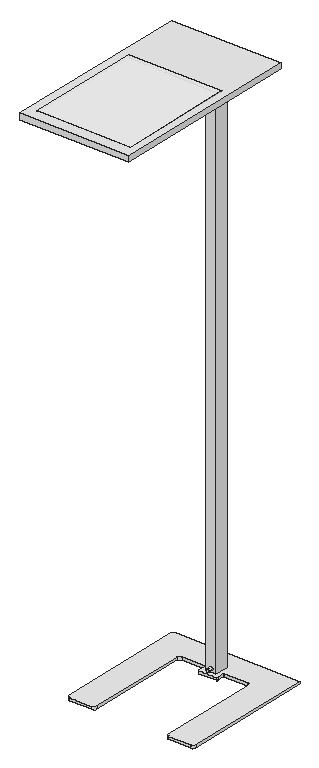
Revit family "0060790 Sylvania Lighting Fixture FREEOFFICE DIRECT INDIRECT 12KLM PIR BLACK UK", category Lighting Fixtures, host Face, Revit 2016
Family settings
  Host = Face
  Part Type = Normal
  Round Connector Dimension = Use Diameter
  OmniClass Number = 23.80.70.11.17
  OmniClass Title = Specialized Lighting by Location or Use
  Cut with Voids When Loaded = No
  Light Source = Yes
  Shared = No
  Room Calculation Point = No
Parameters (values of type "0060790 FREEOFFICE D/I 12 PIR BLACK UK")
  Weight = "22.8 kg"
  Wattage = 93 W
  WarrantyStartDate [instance] = "n/a"
  WarrantyGuarantorParts = "n/a"
  WarrantyDurationUnit = "n/a"
  WarrantyDurationParts = "n/a"
  WarrantyDescription = "n/a"
  built-in parameter 1150110 = 1 (stored number, unit not read)
  Voltage = 230 V
  TypeName = "FREEOFFICE DIRECT/INDIRECT 12KLM PIR BLACK UK"
  built-in parameter 1114217 = 1 (stored number, unit not read)
  Tilt Angle = -90°
  built-in parameter 1150109 = 1 (stored number, unit not read)
  built-in parameter 1150134 = 12
  built-in parameter 1150113 = 1 (stored number, unit not read)
  SerialNumber [instance] = "n/a"
  Radius_FEILO = 165.0 mm
  URL = "http://www.sylvania-lighting.com"
  PowerFactor = 0.96
  PowerConsumption = "93 W"
  Photometric Web File = "0060790.ies"
  PIR_SYL = yes
  NominalWidth = 0.0 mm
  NominalLength = 690.0 mm
  NominalHeight = 2030.0 mm
  Name = "FREEOFFICE DIRECT/INDIRECT 12KLM PIR BLACK UK"
  ModelReference = "FREEOFFICE DIRECT/INDIRECT 12KLM PIR BLACK UK"
  ModelNumber = "0060790"
  Material_3_SYL = Body-Sylvania-FreeOffice-BLK
  Material_2_SYL = Polycarbonate_Sylvania_Sylcircle_Opal
  Material_1_SYL = Body-Sylvania-FreeOffice-BLK
  Material = "head and pole : powder coated aluminium. stand: powder coated steel housing, pmma diffuser"
  ManufacturerName = "Feilo Sylvania"
  LuminousEfficacy = "131 lm/W"
  built-in parameter 1150105 = 3688.2 (stored number, unit not read)
  Lumens = 12183 lm
  LuminaireType = ""
  built-in parameter 1150115 = 1 (stored number, unit not read)
  LightOutputRatio = "n/a"
  built-in parameter 1150137 = (empty or 0)
  built-in parameter 1150139 = (empty or 0)
  LampsType = Lamp  # "LED"
  LampNominalLuminous = "12150 lm"
  LampMacAdamStep = "3"
  LampColourTemperature = "4000 K"
  LampColourRenderingIndex = "80"
  built-in parameter 1150112 = 1 (stored number, unit not read)
  built-in parameter 1150114 = 1 (stored number, unit not read)
  Keynote = "16500"
  InstallationDate [instance] = "n/a"
  InputVoltage = "220-240V~"
  InputNominalFrequency = "50/60 Hz"
  built-in parameter 1150132 = (empty or 0)
  built-in parameter 1150102 = (empty or 0)
  built-in parameter 1150107 = 4000 (stored number, unit not read)
  built-in parameter 1150138 = (empty or 0)
  IngressProtection = "IP20"
  ImpactProtectionIndex = "IK02"
  built-in parameter 1150106 = 36.882 (stored number, unit not read)
  IfcExportType = "IfcLightFixtureType"
  IfcExportAs = "IfcLightFixtureType"
  Height_FEILO = 96.0 mm
  ExpectedLife = 50000
  Emit from Rectangle Width = 340.1 mm
  Emit from Rectangle Length = 564.6 mm
  Emit Shape Visible in Rendering = no
  ElectricShockClassification = "Class I"
  built-in parameter 1150104 = 12.17 (stored number, unit not read)
  DurationUnit = "hours"
  DocumentationLiterature = "http://www.sylvania-lighting.com/product/en-int/products/0060790"
  DimmingControlOptions = "Dimmable"
  Dimming Lamp Color Temperature Shift = <None>
  Diameter_FEILO = 2 * Radius_FEILO  # 330.0 mm
  CreatedOn = "12/5/2018"
  CreatedBy = "@sylvania-lighting.com"
  Color Filter = 16777215
  built-in parameter 1114216 [instance] = 1 (stored number, unit not read)
  Model = "FREEOFFICE DIRECT/INDIRECT 12KLM PIR BLACK UK"
  Manufacturer = "Feilo Sylvania"
  Lamp = "LED"
  Description = "FREEOFFICE DIRECT/INDIRECT 12KLM PIR BLACK UK is a highly efficient free-standing floor lamp providing optimal illumination for single and twin workstations. 80% uplight and 20% downlight ratio for ambient and task lighting from a single luminaire. Microprismatic PMMA optics for advanced glare control. Black RAL9005 powder coated luminaire body. Aluminium head and pole for high-quality appearance, steel stand for higher stability. Luminaire dimensions: Head: 690x397x25mm, Stand: 480x460x16mm, Pole: 55x35x2030mm. Operated and dimmed with a push button located in the pole at a height suitable to be used with adjustable height desks. Equipped with presence and daylight sensor. Up and downlight dims together. 4000K Neutral White LED, CRI>80, chromaticity tolerance: SDCM<3. Luminous flux: 12150lm. Power consumption 93W. Luminaire efficacy: 131lm/W. Lumen maintenance: L80B50=55000h. UGR<16, Luminance at 65°<3000 cd/m2. IK02, IP20. Photobiological safety risk group 0. Electrical protection: Class I. Glow wire test: 650°C. Supplied with 3m cable with BS 1363 plug."
  Default Elevation = 0.0 mm
  built-in parameter 1140040 [instance] = 1
  BarCode [instance] = "n/a"
  built-in parameter 1114218 = 1 (stored number, unit not read)
  built-in parameter 1150133 = 10 (stored number, unit not read)
  AssetType = "Fixed"
  AssetIdentifier [instance] = "n/a"
  Assembly Code = "D5020200"
  Apparent Load = 93 VA
Reference planes
  plane 1 "Center (Front/Back)": y = 0
  plane 2: z = 0
  plane 3 "Center (Left/Right)": x = 0
  plane 4: z = 2030
  plane 5: x = 230
  plane 6: x = -230
  plane 7: x = 18
  plane 8: x = -18
  plane 9: x = -198.5
  plane 10: x = 198.5
  plane 11: y = 25
  plane 12: y = -25
  plane 13: y = -390.174
  plane 14: y = 89.826
  plane 15: y = -645
  plane 16: y = 44
  plane 17: z = 9
  plane 18: z = 2010
  plane 19: y = -187.327
  plane 20: y = -603.8
  plane 21: x = -170.03
  plane 22: x = 170.03
  plane 23: y = -39.174
  plane 24: z = 2020
  plane 25: x = 130
  plane 26: x = -130
  plane 27: y = -10.174
  plane 28: x = 34
  plane 29: x = -34
  plane 30: y = -39.174
  plane 31: y = -321.487
  plane 32: z = 21
  plane 33: y = -624.4
  plane 34: z = 2009
Forms (mm)
  Extrusion 1, solid, material "Body-Sylvania-FreeOffice-BLK" <- "Material_1_SYL"
    sketch origin (-1380.213, -4572, 2010) x (-1, 0, 0) y (0, -1, 0)
      loop
        line (-1181.713, -3927) -> (-1578.713, -3927) -> (-1578.713, -4616) -> (-1181.713, -4616) -> (-1181.713, -3927)
    from 0 to 20
  Extrusion 2, void
    sketch origin (-1380.213, -4572, 2030) x (0, -1, 0) y (-1, 0, 0)
      loop
        line (-4384.673, -1210.183) -> (-4384.673, -1550.243) -> (-3968.2, -1550.243) -> (-3968.2, -1210.183) -> (-4384.673, -1210.183)
    from 0 to 20
  Extrusion 3, void
    sketch origin (-1380.213, -4572, 2010) x (0, -1, 0) y (-1, 0, 0)
      loop
        line (-3968.2, -1210.183) -> (-4532.826, -1210.183) -> (-4532.826, -1550.243) -> (-3968.2, -1550.243) -> (-3968.2, -1210.183)
    from 0 to -10
  Extrusion 4, solid, material "Body-Sylvania-FreeOffice-BLK" <- "Material_1_SYL"
    sketch origin (0, 0, 0) x (1, 0, 0) y (0, 1, 0)
      loop
        line (-230, 79.826) -> (-230, -380.174)
        arc (-230, -380.174) -> (-227.071, -387.245) -> (-220, -390.174) r 10
        line (-220, -390.174) -> (-140, -390.174)
        arc (-140, -390.174) -> (-132.929, -387.245) -> (-130, -380.174) r 10
        line (-130, -380.174) -> (-130, -20.174)
        arc (-130, -20.174) -> (-127.071, -13.103) -> (-120, -10.174) r 10
        line (-120, -10.174) -> (-36, -10.174)
        arc (-36, -10.174) -> (-34.586, -10.76) -> (-34, -12.174) r 2
        line (-34, -12.174) -> (-34, -37.174)
        arc (-34, -37.174) -> (-33.414, -38.588) -> (-32, -39.174) r 2
        line (-32, -39.174) -> (32, -39.174)
        arc (32, -39.174) -> (33.414, -38.588) -> (34, -37.174) r 2
        line (34, -37.174) -> (34, -12.174)
        arc (34, -12.174) -> (34.586, -10.76) -> (36, -10.174) r 2
        line (36, -10.174) -> (120, -10.174)
        arc (120, -10.174) -> (127.071, -13.103) -> (130, -20.174) r 10
        line (130, -20.174) -> (130, -380.174)
        arc (130, -380.174) -> (132.929, -387.245) -> (140, -390.174) r 10
        line (140, -390.174) -> (220, -390.174)
        arc (220, -390.174) -> (227.071, -387.245) -> (230, -380.174) r 10
        line (230, -380.174) -> (230, 89.826) -> (-220, 89.826)
        arc (-220, 89.826) -> (-227.071, 86.897) -> (-230, 79.826) r 10
    from 0 to 9
  Extrusion 5, solid, material "Body-Sylvania-FreeOffice-BLK" <- "Material_1_SYL"
    sketch origin (645.563, -4597, 9) x (0, -1, 0) y (-1, 0, 0)
      loop
        line (-4622, 663.563) -> (-4622, 627.563) -> (-4572, 627.563) -> (-4572, 663.563) -> (-4622, 663.563)
    from 0 to -2001
  Extrusion 6, solid, material "Body-Sylvania-FreeOffice-BLK" <- "Material_1_SYL"
    sketch origin (747.1, -25, 1219.2) x (1, 0, 0) y (0, 0, 1)
      loop
        circle (-747.1, -1198.2) r 5
    from 0 to 14.174
  Extrusion 7, solid, material "Polycarbonate_Sylvania_Sylcircle_Opal" <- "Material_2_SYL"
    sketch origin (-1380.213, -4572, 2030) x (-1, 0, 0) y (0, -1, 0)
      loop
        line (-1550.243, -3968.2) -> (-1550.243, -4384.673) -> (-1210.183, -4384.673) -> (-1210.183, -3968.2) -> (-1550.243, -3968.2)
    from 0 to -10
  Extrusion 8, solid, material "Polycarbonate_Sylvania_Sylcircle_Opal" <- "Material_2_SYL"
    sketch origin (-1380.213, -4572, 2010) x (-1, 0, 0) y (0, -1, 0)
      loop
        line (-1210.183, -4532.826) -> (-1210.183, -3968.2) -> (-1550.243, -3968.2) -> (-1550.243, -4532.826) -> (-1210.183, -4532.826)
    from 0 to 10
  Revolve 9, solid, material "Body-Sylvania-FreeOffice-BLK" <- "Material_3_SYL", visible <- "PIR_SYL"
    sketch origin (747.1, -624.4, 1219.2) x (1, 0, 0) y (0, 0, 1)
      loop
        line (-757.1, 789.8) -> (-754.426, 789.8)
        arc (-754.426, 789.8) -> (-751.007, 787.781) -> (-747.1, 787.079) r 11.221
        line (-747.1, 787.079) -> (-747.1, 790.8) -> (-757.1, 790.8) -> (-757.1, 789.8)
      axis (-747.1, 790.8) -> (-747.1, 787.079)
    angle from 0 to 360
Cuts and joins
  Extrusion 2, Extrusion 3 cuts Extrusion 1
Lines and regions (mm)
  reference lines
    curve 1: circle (0, 0, 21) r 5 normal (0, -1, 0)
    curve 2: circle (0, -624.4, 2010) r 10 normal (0, 0, 1)
Dimensions and locks
  equal spacing: plane 12, plane 1 "Center (Front/Back)", plane 11
  locked: plane 12 to plane 11 at 50
  equal spacing: plane 8, plane 3 "Center (Left/Right)", plane 7
  plane 8 to plane 7 = 36.0 mm
  equal spacing: plane 9, plane 3 "Center (Left/Right)", plane 10
  plane 9 to plane 10 = 397.0 mm
  equal spacing: plane 6, plane 3 "Center (Left/Right)", plane 5
  locked: plane 6 to plane 5 at 460
  locked: plane 4 to plane 2 at 2030
  locked: plane 13 to plane 1 "Center (Front/Back)" at 390.174
  locked: plane 13 to plane 14 at 480
  locked: plane 15 to plane 1 "Center (Front/Back)" at 645
  locked: plane 15 to plane 16 at 689
  locked: plane 17 to plane 2 at 9
  locked: plane 4 to plane 18 at 20
  locked: plane 19 to plane 1 "Center (Front/Back)" at 187.327
  locked: plane 20 to plane 19 at 416.473
  equal spacing: plane 21, plane 3 "Center (Left/Right)", plane 22
  plane 21 to plane 22 = 340.059 mm
  locked: plane 20 to plane 23 at 564.626
  equal spacing: plane 4, plane 24, plane 18
  equal spacing: plane 26, plane 3 "Center (Left/Right)", plane 25
  locked: plane 26 to plane 25 at 260
  locked: plane 27 to plane 14 at 100
  equal spacing: plane 29, plane 3 "Center (Left/Right)", plane 28
  locked: plane 29 to plane 28 at 68
  locked: plane 30 to plane 27 at 29
  equal spacing: plane 20, plane 31, plane 23
  locked: plane 32 to host face at 21
  equal spacing: plane 15, plane 33, plane 20
  locked: Revolve 9 sketch curve to plane 18 at 7.5
  locked: plane 18 to plane 34 at 1
  radius of curve 2 = 10.0 mm
  aligned and locked: plane 2 to host face
  aligned and locked: level to host face
  aligned and locked: plane 15 to Extrusion 1 sketch curve
  aligned and locked: Extrusion 1 sketch curve to plane 9
  aligned and locked: Extrusion 1 sketch curve to plane 16
  aligned and locked: plane 10 to Extrusion 1 sketch curve
  aligned and locked: plane 4 to Extrusion 1
  aligned and locked: Extrusion 1 to plane 18
  aligned and locked: Extrusion 2 sketch curve to plane 19
  aligned and locked: plane 20 to Extrusion 2 sketch curve
  aligned and locked: Extrusion 2 to plane 18
  aligned and locked: plane 4 to Extrusion 2
  aligned and locked: plane 21 to Extrusion 2 sketch curve
  aligned and locked: plane 22 to Extrusion 2 sketch curve
  aligned and locked: Extrusion 3 sketch curve to cut or joined group of Extrusion 1, Extrusion 2, Extrusion 3  (x2)
  aligned and locked: plane 23 to Extrusion 3 sketch curve
  aligned and locked: plane 22 to Extrusion 3 sketch curve
  aligned and locked: Extrusion 3 to plane 18
  aligned and locked: plane 24 to Extrusion 3
  aligned and locked: Extrusion 4 sketch curve to plane 14
  aligned and locked: Extrusion 4 sketch curve to plane 6
  aligned and locked: plane 13 to Extrusion 4 sketch curve  (x2)
  aligned and locked: Extrusion 4 sketch curve to plane 26
  aligned and locked: Extrusion 4 sketch curve to plane 25
  aligned and locked: plane 5 to Extrusion 4 sketch curve
  aligned and locked: plane 29 to Extrusion 4 sketch curve
  aligned and locked: plane 30 to Extrusion 4 sketch curve
  aligned and locked: Extrusion 4 sketch curve to plane 28
  aligned and locked: Extrusion 4 sketch curve to plane 27
  aligned and locked: Extrusion 4 to plane 17
  aligned and locked: Extrusion 4 to level
  aligned and locked: Extrusion 5 sketch curve to plane 8
  aligned and locked: plane 7 to Extrusion 5 sketch curve
  aligned and locked: plane 18 to Extrusion 5
  aligned and locked: plane 11 to Extrusion 5 sketch curve
  aligned and locked: Extrusion 5 sketch curve to plane 12
  aligned and locked: plane 24 to imposter light
  aligned and locked: imposter light to plane 3 "Center (Left/Right)"
  aligned and locked: imposter light to plane 31
  aligned and locked: Extrusion 6 sketch curve to curve 1
  aligned and locked: Extrusion 6 to plane 12
  aligned and locked: Extrusion 6 to cut or joined group of Extrusion 1, Extrusion 2, Extrusion 3
  aligned and locked: Extrusion 7 sketch curve to cut or joined group of Extrusion 1, Extrusion 2, Extrusion 3  (x4)
  aligned and locked: Extrusion 7 to plane 4
  aligned and locked: Extrusion 7 to cut or joined group of Extrusion 1, Extrusion 2, Extrusion 3
  aligned and locked: Extrusion 8 sketch curve to cut or joined group of Extrusion 1, Extrusion 2, Extrusion 3  (x4)
  aligned and locked: Extrusion 8 to cut or joined group of Extrusion 1, Extrusion 2, Extrusion 3
  aligned and locked: Extrusion 8 to plane 18
  aligned and locked: plane 3 "Center (Left/Right)" to curve 2
  aligned and locked: plane 33 to curve 2
  aligned and locked: plane 3 "Center (Left/Right)" to Revolve 9 sketch curve  (x2)
  aligned and locked: Revolve 9 sketch curve to plane 3 "Center (Left/Right)"
  aligned and locked: Revolve 9 sketch curve to plane 34
Automatic sketch dimensions
  host sketch curve to host sketch curve = 1305.563 mm
  host sketch curve to host sketch curve = 1283.632 mm
  plane 27 to Extrusion 4 sketch curve = 0.0 mm
  plane 6 to Extrusion 4 sketch curve = 10.0 mm  (x2)
  Extrusion 4 sketch curve to plane 13 = 10.0 mm
  Extrusion 4 sketch curve to plane 26 = 10.0 mm
  Extrusion 4 sketch curve to Extrusion 4 sketch curve = 2.0 mm
  plane 29 to Extrusion 4 sketch curve = 2.0 mm
  Extrusion 4 sketch curve to plane 28 = 2.0 mm
  plane 28 to Extrusion 4 sketch curve = 2.0 mm
  Extrusion 4 sketch curve to plane 25 = 10.0 mm
  Extrusion 4 sketch curve to Extrusion 4 sketch curve = 10.0 mm
  Extrusion 4 sketch curve to plane 5 = 10.0 mm
  curve 1 to plane 3 "Center (Left/Right)" = 0.0 mm
  curve 1 to plane 32 = 0.0 mm
  Revolve 9 sketch curve to plane 18 = 0.0 mm
  Revolve 9 sketch curve to plane 3 "Center (Left/Right)" = 7.326 mm
  Revolve 9 sketch curve to Revolve 9 sketch curve = 2.674 mm
  Revolve 9 sketch curve to level = 94.652 mm
  plane 4 to Revolve 9 sketch curve = 432.257 mm
  radius of curve 1 = 5.0 mm
Connectors
  electrical at (0, -39.174, 21), driven by "PowerFactor", driven by "Voltage", driven by "Apparent Load", driven by "Apparent Load"
    settings: on Extrusion 6, index 1, voltage 230 V, apparent load 93 VA, apparent load phase1 93 VA, apparent load phase2 0 VA, apparent load phase3 0 VA, power factor 0.96, load classification "Other", number of poles 1, system type 30, power factor state 1, is connector primary yes, connector utility no, sub classification motor no, connector description ""
